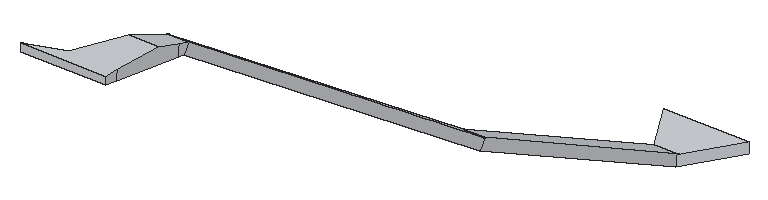
Revit family "Водосброс3Укл", category Обобщенные модели, Revit 2018
Family settings
  Может служить основой для арматурных стержней = Нет
  Размер круглого соединителя = Использовать диаметр
  Тип детали = Нормальный
  На основе рабочей плоскости = Нет
  Всегда вертикально = Да
  При загрузке вырезать с полостями = Нет
  Общий = Нет
  Точка расчета площади = Нет
Parameters
  Уклон3 [instance] = -0.5
  Угол3 [instance] = abs(atan(Уклон3))  # 26.5651°
  Угол23 [instance] = abs(Угол3 - Угол2)  # 7.25703°
  ТипРаструба [instance] = 0
  Превышение3 [instance] = abs(Длина3 * Уклон3)  # 3500 mm
  ЛотокШирина = 600 mm
  УклонОтКПЧ = -0.17
  Уклон2 [instance] = -0.67
  Уклон1 [instance] = -0.04
  Угол2 [instance] = abs(atan(Уклон2))  # 33.8221°
  Превышение2 [instance] = abs(Длина2 * Уклон2)  # 6901 mm
  Превышение1 [instance] = abs(Длина1 * Уклон1)  # 100 mm
  НижнЧастьПоложен [instance] = ЗаглублениеЛоткаВОткос / sin(Угол3)  # 447.214 mm
  ЗаглублениеЛоткаВОткос = 200 mm
  ДлинаЛотка2 [instance] = sqrt(XЛоток2 ^ 2 + YЛоток2 ^ 2)  # 12073.973 mm
  Длина3 [instance] = 7000 mm
  Длина2 [instance] = 10300 mm
  Длина1 [instance] = 2500 mm
  ЛотокВысота = 300 mm
  z [instance] = e / cos(phi)  # 391.747 mm
  yota [instance] = epsilon - Угол3  # 59.8064°
  x1 [instance] = (-b + sqrt(D)) / (2 * a)  # 0.2745
  teta [instance] = 2 * atan(x1)  # 30.6994°
  psi [instance] = 90.00° - gamma  # 82.6426°
  phi [instance] = omega - teta  # 35.1266°
  omega [instance] = 180.00° - delta - psi  # 65.826°
  l2 [instance] = e * tan(phi)  # 225.405 mm
  l1 [instance] = cos(gamma) * d  # 2481.399 mm
  k [instance] = ЗаглублениеЛоткаВОткос / sin(epsilon)  # 200.402 mm
  gamma [instance] = eta - beta  # 7.35744°
  eta [instance] = abs(atan(УклонОтКПЧ))  # 9.64805°
  epsilon [instance] = (360.00° - Угол23 * 2) / 4  # 86.3715°
  e [instance] = d * sin(gamma)  # 320.403 mm
  delta [instance] = Угол2 - beta  # 31.5315°
  d [instance] = Длина1 / cos(beta)  # 2501.999 mm
  c [instance] = -a  # -81.9019
  beta [instance] = abs(atan(Уклон1))  # 2.29061°
  b [instance] = 2 * (e - ЗаглублениеЛоткаВОткос * sin(omega)) / 1 mm  # 275.884
  a [instance] = ЗаглублениеЛоткаВОткос * cos(omega) / 1 mm  # 81.9019
  YЛоток2 [instance] = Превышение2 + Превышение1 - Y + Y1  # 6720.565 mm
  Y1 [instance] = k * sin(yota)  # 173.213 mm
  Y [instance] = L * sin(eta)  # 453.648 mm
  XЛоток2 [instance] = Длина2 + Длина1 - X - X1  # 10030.694 mm
  X1 [instance] = k * cos(yota)  # 100.787 mm
  X [instance] = L * cos(eta)  # 2668.519 mm
  L [instance] = l1 + l2  # 2706.804 mm
  D [instance] = b ^ 2 - 4 * a * c  # 102943.6944
Reference planes
  plane 1 "По центру (Вперед/Назад)": y = 0
  plane 2: z = 0
  plane 3 "По центру (Влево/Вправо)": x = 0
  plane 4: y = 2500
  plane 5: y = 12800
  plane 6: z = -100
  plane 7: z = -7001
  plane 8: z = -453.648
  plane 9: y = 2668.519
  plane 10: y = 19800
  plane 11 "Подошва": z = -10501
  plane 12: y = 19352.786
  plane 13: y = 12699.213
  plane 14: z = -7174.213
Lines and regions (mm)
  reference lines
    curve 1: line (0, 0, 0) -> (0, 2500, -100)
    curve 2: line (0, 2500, -100) -> (0, 12800, -7001)
    curve 4: line (0, 12800, -7001) -> (0, 19800, -10501)
    curve 8: line (0, 12699.213, -7174.213) -> (-840, 12699.213, -7174.213)
  reference lines, style "Лоток"
    curve 3: line (0, 0, 0) -> (0, 2668.519, -453.648)
    curve 5: line (0, 2668.519, -453.648) -> (0, 12699.213, -7174.213)
    curve 6: line (0, 12699.213, -7174.213) -> (0, 19352.786, -10501)
    curve 7: line (0, 19352.786, -10501) -> (-1000, 19352.786, -10501)
Dimensions and locks
  "Длина1": plane 1 "По центру (Вперед/Назад)" to plane 4
  "Длина2": plane 4 to plane 5
  "Превышение1": level to plane 6
  "Превышение2": plane 6 to plane 7
  "X": plane 1 "По центру (Вперед/Назад)" to plane 9
  "Y": plane 2 to plane 8
  curve 3 to curve 2 = 200 mm
  "Длина3": plane 5 to plane 10
  "Превышение3": plane 7 to plane 11 "Подошва"
  "НижнЧастьПоложен": plane 12 to plane 10
  "Y1": plane 7 to plane 14
  "X1": plane 13 to plane 5
  "ДлинаЛотка2": curve 5 to curve 8
  aligned and locked: level to plane 2
  aligned and locked: plane 2 to curve 3
  aligned and locked: plane 1 "По центру (Вперед/Назад)" to curve 3
  aligned and locked: plane 8 to curve 3
  aligned and locked: nested 1 to plane 1 "По центру (Вперед/Назад)"
  aligned and locked: plane 3 "По центру (Влево/Вправо)" to nested 1
  aligned and locked: plane 3 "По центру (Влево/Вправо)" to nested 2
  aligned and locked: nested 2 to plane 12
  aligned and locked: curve 7 to curve 6
  aligned and locked: nested 3 to curve 7
  aligned and locked: nested 4 to curve 8
Automatic sketch dimensions
  curve 2 to plane 4 = 0 mm
  curve 5 to plane 9 = 0 mm
  curve 6 to plane 13 = 0 mm
  curve 2 to plane 5 = 0 mm
  curve 6 to plane 11 "Подошва" = 0 mm
  curve 6 to plane 12 = 0 mm
  curve 4 to plane 10 = 0 mm
  curve 4 to plane 11 "Подошва" = 0 mm
  curve 5 to plane 14 = 0 mm
  curve 2 to plane 7 = 0 mm
  curve 7 to curve 6 = 0 mm
  curve 7 to curve 6 = 1000 mm
  curve 8 to curve 5 = 840 mm
  curve 8 to curve 5 = 0 mm
Nested families
  nested 1: "ВерхЧасть_1" at (0, 0, 0), type "ВерхЧасть_1"
    with УклонОтКПЧ -0.17, УклонОбочины -0.04, Угол2 33.8221°, ТипРаструба 0, ПревышениеЛотка 453.648 mm, ОтступЗапас 437.944 mm, ОтступВерхЛотка 166.985 mm, ДлинаЛотка 2668.519 mm, ВысотаЛотка 300 mm, delta 18.0563°, #УширениеПравВнутр 0 mm, #УширениеПрав 0 mm
  nested 2: "НижЧасть_1" at (0, 19352.786, -10501), type "НижЧасть_1"
  nested 3: "ОткоснЧасть_1" at (0, 12699.213, -7174.213) x (0, 0.8944, -0.4472) z (0, 0.4472, 0.8944), type "ОткоснЧасть_1"
    with built-in parameter 1001306 24.406 (stored number, unit not read)
  nested 4: "ОткоснЧасть_1" at (0, 2668.519, -453.648) x (0, 0.8308, -0.5566) z (0, 0.5566, 0.8308), type "ОткоснЧасть_1"
    with built-in parameter 1001306 39.613 (stored number, unit not read)
Definition of nested family "ВерхЧасть_1"
  Parameters (values of type "ВерхЧасть_1")
    ШиринаМонолитногоБетона = 400 mm
    ШиринаЛотка = 600 mm
    УширениеПравВнутр = 710 mm
    УширениеПрав = 1710 mm
    УширениеЛевВнутр = 710 mm
    УширениеЛев = 1710 mm
    УклонОтКПЧ = 0.1
    УклонОбочины = 0.04
    Угол2 = 30.00°
    ТипРаструба = 2
    ПревышениеОбочины = abs(ДлинаОбочины * УклонОбочины)  # 100 mm
    ПревышениеЛотка = abs(ДлинаЛотка * УклонОтКПЧ)  # 260 mm
    ОтступСкосаНаПодключенииЛотка = 200 mm
    ОтступЗапас = (ВозвышениеУКПЧ + ПревышениеЛотка) * tan(Угол2)  # 265.581 mm
    ОтступВерхЛотка = ВысотаЛотка * sin(Угол2)  # 175 mm
    ДлинаЛотка = 2600 mm
    ДлинаОбочины = 2500 mm
    ВысотаЛотка = 350 mm
    ВозвышениеУКПЧ = 200 mm
    delta = (Угол2 - atan(УклонОбочины)) / 2  # 13.8547°
    #УширениеПравВнутр = if(not(ТипРаструба = 0), УширениеПравВнутр, 0 mm)  # 710 mm
    #УширениеПрав = if(not(ТипРаструба = 0), УширениеПрав, 0 mm)  # 1710 mm
    #УширениеЛевВнутр = if(not(ТипРаструба = 1), УширениеЛевВнутр, 0 mm)  # 710 mm
    #УширениеЛев = if(not(ТипРаструба = 1), УширениеЛев, 0 mm)  # 1710 mm
  Reference planes
    plane 1 "По центру (Вперед/Назад)": y = 0
    plane 2: z = 0
    plane 3 "По центру (Влево/Вправо)": x = 0
    plane 4: y = 2600
    plane 5: z = -260
    plane 6: x = -300
    plane 7: x = 300
    plane 8: y = 400
    plane 9: y = 2500
    plane 10: x = -2010
    plane 11: x = 2010
    plane 12: x = -1010
    plane 13: x = 1010
    plane 14: z = 200
    plane 15: z = 100
    plane 16: y = 2775
    plane 17: y = 2865.581
    plane 18: y = 2575
  Forms (mm)
    Extrusion 1, solid
      sketch origin (0, 0, 0) x (1, 0, 0) y (0, 1, 0)
        loop
          line (-2010, 0) -> (2010, 0) -> (1010, 400) -> (300, 2500) -> (300, 2865.581) -> (-300, 2865.581) -> (-300, 2500) -> (-1010, 400) -> (-2010, 0)
      from -260 to 200
    Extrusion 2, void
      sketch origin (0, 0, 0) x (0, 1, 0) y (0, 0, 1)
        loop
          line (0, 0) -> (0, -260) -> (2600, -260) -> (0, 0)
      from -2010 to 2010
    Extrusion 3, void
      sketch origin (0, 0, 0) x (0, 1, 0) y (0, 0, 1)
        loop
          line (2775, 43.109) -> (2600, -260) -> (2865.581, -260) -> (2865.581, 200) -> (0, 200) -> (2552.913, 97.883) -> (2775, 43.109)
      from -2010 to 2010
  Cuts and joins
    Extrusion 2, Extrusion 3 cuts Extrusion 1
  Lines and regions (mm)
    reference lines
      curve 1: line (0, 0, 0) -> (0, 2600, -260)
      curve 2: line (0, 2600, -260) -> (0, 3310, 969.756)
      curve 3: line (0, 0, 200) -> (0, 2500, 100)
      curve 4: line (0, 2775, 43.109) -> (0, 1648.749, 320.883)
  Dimensions and locks
    "ДлинаЛотка": plane 1 "По центру (Вперед/Назад)" to plane 4
    "ПревышениеЛотка": plane 2 to plane 5
    equal spacing: plane 6, plane 3 "По центру (Влево/Вправо)", plane 7
    "ШиринаЛотка": plane 6 to plane 7
    "ШиринаМонолитногоБетона": plane 1 "По центру (Вперед/Назад)" to plane 8
    "ДлинаОбочины": plane 1 "По центру (Вперед/Назад)" to plane 9
    "#УширениеЛев": plane 10 to plane 6
    "#УширениеПрав": plane 7 to plane 11
    "#УширениеЛевВнутр": plane 12 to plane 6
    "#УширениеПравВнутр": plane 7 to plane 13
    "ВозвышениеУКПЧ": plane 14 to plane 2
    "ПревышениеОбочины": plane 14 to plane 15
    "ОтступВерхЛотка": plane 4 to plane 16
    "ОтступЗапас": plane 4 to plane 17
    "ОтступСкосаНаПодключенииЛотка": plane 18 to plane 16
    "Угол2": angle curve 2 to plane 4
    "delta": angle curve 4 to plane 5
    aligned and locked: level to plane 2
    aligned and locked: plane 5 to curve 2
    aligned and locked: plane 4 to curve 2
    aligned and locked: plane 14 to Extrusion 1
    aligned and locked: Extrusion 1 to plane 5
    aligned and locked: Extrusion 2 sketch curve to curve 1
    aligned and locked: Extrusion 1 to Extrusion 2 sketch curve
    aligned and locked: Extrusion 2 sketch curve to Extrusion 1
    aligned and locked: plane 11 to Extrusion 2
    aligned and locked: Extrusion 2 to plane 10
    aligned and locked: Extrusion 1 sketch curve to plane 17
    aligned and locked: Extrusion 1 sketch curve to plane 7
    aligned and locked: plane 6 to Extrusion 1 sketch curve
    aligned and locked: Extrusion 1 sketch curve to plane 1 "По центру (Вперед/Назад)"
    aligned and locked: Extrusion 3 sketch curve to curve 4
    aligned and locked: Extrusion 3 sketch curve to curve 3
    aligned and locked: Extrusion 3 sketch curve to plane 14
    aligned and locked: Extrusion 3 sketch curve to plane 17
    aligned and locked: Extrusion 3 sketch curve to curve 2
    aligned and locked: Extrusion 3 sketch curve to plane 5
    aligned and locked: plane 11 to Extrusion 3
    aligned and locked: Extrusion 3 to plane 10
  Automatic sketch dimensions
    Extrusion 1 sketch curve to plane 10 = 0 mm
    Extrusion 1 sketch curve to plane 8 = 0 mm  (x2)
    Extrusion 1 sketch curve to plane 12 = 0 mm
    Extrusion 1 sketch curve to plane 13 = 0 mm
    Extrusion 1 sketch curve to plane 11 = 0 mm
    Extrusion 1 sketch curve to plane 9 = 0 mm  (x2)
    curve 3 to plane 1 "По центру (Вперед/Назад)" = 0 mm
    curve 1 to level = 0 mm
    curve 1 to plane 1 "По центру (Вперед/Назад)" = 0 mm
    curve 3 to plane 9 = 0 mm
    curve 4 to plane 16 = 0 mm
    curve 3 to plane 15 = 0 mm
    curve 3 to plane 14 = 0 mm
Definition of nested family "НижЧасть_1"
  Parameters (values of type "НижЧасть_1")
    ШиринаНаВыходе = 2280 mm
    ШиринаЛотка = 600 mm
    Default Elevation = 1219.2 mm
    Длина = 1400 mm
    ВысотаЛотка = 300 mm
  Reference planes
    plane 1 "По центру (Вперед/Назад)": y = 0
    plane 2: z = 0
    plane 3 "По центру (Влево/Вправо)": x = 0
    plane 4: y = 1400
    plane 5: x = 300
    plane 6: x = -300
    plane 7: x = -1140
    plane 8: x = 1140
    plane 9: z = 300
  Forms (mm)
    Extrusion 1, solid
      sketch origin (0, 0, 0) x (1, 0, 0) y (0, 1, 0)
        loop
          line (-1140, 1400) -> (-300, 0) -> (300, 0) -> (1140, 1400) -> (-1140, 1400)
      from 0 to 300
  Dimensions and locks
    equal spacing: plane 7, plane 3 "По центру (Влево/Вправо)", plane 8
    equal spacing: plane 6, plane 3 "По центру (Влево/Вправо)", plane 5
    "ШиринаЛотка": plane 6 to plane 5
    "ШиринаНаВыходе": plane 7 to plane 8
    "Длина": plane 1 "По центру (Вперед/Назад)" to plane 4
    "ВысотаЛотка": plane 9 to plane 2
    aligned and locked: level to plane 2
    aligned and locked: Extrusion 1 sketch curve to plane 4
    aligned and locked: Extrusion 1 sketch curve to plane 1 "По центру (Вперед/Назад)"
    aligned and locked: plane 9 to Extrusion 1
  Automatic sketch dimensions
    Extrusion 1 sketch curve to plane 7 = 0 mm
    Extrusion 1 sketch curve to plane 6 = 0 mm
    Extrusion 1 sketch curve to plane 5 = 0 mm
    plane 8 to Extrusion 1 sketch curve = 0 mm
Definition of nested family "ОткоснЧасть_1"
  Parameters (values of type "ОткоснЧасть_1-1")
    ШиринаЛотка = 600 mm
    built-in parameter 1001306 [instance] = 1200 mm
    ВысотаЛотка = 300 mm
  Reference planes
    plane 1 "По центру (Вперед/Назад)": y = 0
    plane 2: z = 0
    plane 3 "Слева": x = 0
    plane 4 "Справа": x = 1200
    plane 5: z = 300
    plane 6: y = -300
    plane 7: y = 300
  Forms (mm)
    Extrusion 1, solid
      sketch origin (0, 0, 0) x (0, 1, 0) y (0, 0, 1)
        loop
          line (300, 300) -> (-300, 300) -> (-300, 0) -> (300, 0) -> (300, 300)
      from 0 to 1200
  Lines and regions (mm)
    reference lines
      curve 1: line (0, 0, 0) -> (1200, 0, 0)
  Dimensions and locks
    "built-in parameter 1001306": plane 3 "Слева" to plane 4 "Справа"
    equal spacing: plane 7, plane 1 "По центру (Вперед/Назад)", plane 6
    "ВысотаЛотка": plane 5 to plane 2
    "ШиринаЛотка": plane 7 to plane 6
    aligned and locked: plane 4 "Справа" to curve 1
    aligned and locked: plane 1 "По центру (Вперед/Назад)" to curve 1
    aligned and locked: plane 3 "Слева" to curve 1
    aligned and locked: level to plane 2
    aligned and locked: plane 4 "Справа" to Extrusion 1
    aligned and locked: Extrusion 1 to plane 3 "Слева"
    aligned and locked: Extrusion 1 sketch curve to plane 5
    aligned and locked: plane 7 to Extrusion 1 sketch curve
    aligned and locked: Extrusion 1 sketch curve to plane 6
  Automatic sketch dimensions
    Extrusion 1 sketch curve to level = 0 mm
